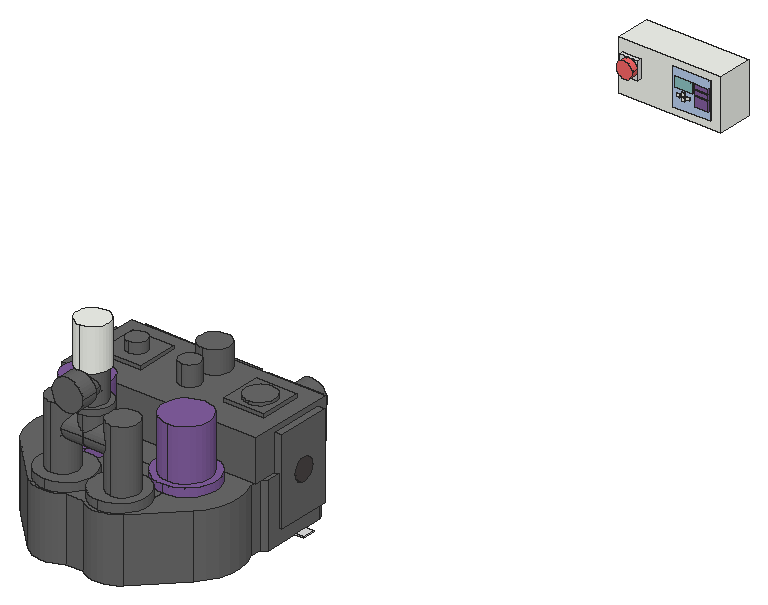
Revit family "11609", category Generic Models, Revit 2021
Family settings
  Can host rebar = No
  Round Connector Dimension = Use Diameter
  Part Type = Normal
  Work Plane-Based = No
  Always vertical = Yes
  Cut with Voids When Loaded = No
  Shared = Yes
  Room Calculation Point = No
Parameters (values of type "11609")
  SUPPLIER = "KESSEL"
  SA700ID50 = "intern"
  SA700ID49 = "Protection Class I"
  SA700ID48 = "no"
  SA700ID47 = "no"
  SA700ID46 = "yes"
  SA700ID37 = 16000 mm
  SA700ID34 = 47
  SA700ID33 = 3.2 W
  SA700ID32 = 58.83 kg
  SA700ID31 = 1
  SA700ID30 = 2
  SA700ID29 = "GLRD"
  SA700ID21 = 1600
  SA700ID10 = "yes"
  SA700ID08 = 400 V
  PROCUREWEBLINK = "https://p.caden.as/kessel/11609"
  PROCURELINK = "p.caden.as/kessel/11609"
  PROCUREDATALASTUPDATE = "2024-05-22T12:17:38.56436048+01:00"
  PRC_SPECIFICATIONLINK = "https://ausschreiben.de/catalog/kessel/catalogItem/e497a173-6221-4283-bd3d-e8c08fedc1d2"
  NN = "Lifting station Aqualift F"
  NBSYN = "$SA810ID03."
  NB = "11609"
  Model = "11609"
  Manufacturer = "KESSEL"
  MIdent = "{$CADENAS_DATA/23d-libs/kessel/kessel_vdi_import/4/entwaesserung/hebeanlage20aqualift20f.prj},198 {STYP=ASS},{VTYP=3D},{NB=11609},{LINA=11609},{NN=Lifting station Aqualift F},{DATE=21.11.2022 10:45:45},{GEOMDATE=21.11.2022 10:45:45},{VERSION=},{LINEID=270},{WBVAR=LODLEVEL},{WBNUMERIC=LODLEVEL}  {NB=11609},{LINA=11609},{KT=DUMMY},{PREVIEW=../../bilder/ksb_w_11609.png},{SA700ID04=Hebeanlage Aqualift F Duo, Comfort, SPF 3000-S1, Schieber},{SA810ID06=04026092071076},{SA700ID34=47.00},{SA010ID03=201805},{SA810ID03=11609},{SA810ID10=Die Hebeanlage für fäkalienhaltiges und fäkalienfreies Abwasser ist mit zwei überflutbaren Pumpen sowie einem Rückflussverhinderer ausgestattet. Der Sammelbehälter aus dauerhaft beständigem Kunststoff (PE) bietet universale Anschlussmöglichkeiten und hat eine verschraubte Reinigungsöffnung.Die Steuerung erfolgt durch ein anwenderfreundliches Schaltgerät, das optional über einen potentialfreien Kontakt in die Gebäudeleittechnik eingebunden werden oder Alarm- und Sammelstörmeldungen über eine GSM-Schnittstelle (Comfort Schaltgerät) ausgeben kann.Ausführung:Absperreinrichtung: Schieber aus KunststoffAnlagenart: DoppelanlagePumpensteuerung: SchaltgerätRückflussverhinderer: integriertSchalldämmmatte: jaEinbausituation: freie AufstellungAbwasserart: fäkalienhaltigAllgemeine Merkmale:Farbe: schwarzNorm: EN 12050-1Abmessungen:Länge: 773 mmBreite: 780 mmHöhe: 788 mmBehälter/Grundkörper:Zulauf Anzahl: 2 STZulauf Nennweite (DN): 100 mmZulauf Nennweite (DA): 110 mmZulauf max. Anbohrung (DN): 150 mmAbstand Rohrsohle Zulauf zu Behälterboden: 245 mmAbstand Rohrmitte Auslauf zu Behälterboden: 590 mmAbstand Rohrmitte Zulauf zu Behälterboden: 300 mmAnschluss für Handmembranpumpe (DN): 32Behältervolumen: 120 lDruckabgang: waagerechtDruckabgang (DA): 110 mmDruckabgang (DN): 100 mmEntlüftungsanschluss (DN): 70 mmNutzvolumen: 50 lFreier Kugeldurchgang: 40 mmFördereinrichtung:Pumpe: SPF 3000Anzahl Pumpen: 2Förderhöhe max.: 16 mFörderleistung max.: 47 m3/hBetriebsart: S1Leistung P1: 3,2 kWLeistung P2: 2,7 kWDrehzahl: 2.890 U/minFörderguttemperatur (dauerhaft) max.: 40 °CAnschlusstyp: DirektanschlussGewicht: 26 kgLaufrad Typ: FreistromradLänge Netzanschlussleitung Pumpe: 5 mNennstrom: 5,4 ASchutzart Pumpe: IP 68 (3m/48h)Schutzklasse: ITyp Anschlussleitung Pumpe: H07RN-F 7G 1,5 mm2Temperaturüberwachung: integriertSteuerung:Schaltgerät: ComfortBetriebsspannung: 400 VNetzfrequenz: 50 HzSelbstdiagnosesystem (SDS): jaBatteriepufferung: jaMehrzeilige Displayanzeige: jaLogbuchfunktion: jaGSM-Schnittstelle: jaPotentialfreier Kontakt: jaErforderliche Absicherung (Leitungsschutz): 3 x C 20 AMotorschutz Schalter: jaSchutzart Schaltgerät: IP 54Länge Netzanschlussleitung Schaltgerät: 0 mArt Niveauerfassung: pneumatischInstrument Niveauerfassung: Tauchrohr mit DruckwächterAlarmgeber: Tauchrohr},{SA700ID37=16.00},{SA700ID33=3.20},{SA700ID08=400},{SA700ID30=2},{SA700ID32=58.83},{SA700ID49=Schutzklasse I},{SA700ID50=intern},{SA200ID03=6},{SA250ID03=vertikal},{SA260ID03=Trockenläuferpumpe},{SA350ID03=normalansaugend},{SA400ID03=E-Motor für Drehstrom},{SA460ID03=direkt},{SA500ID03=Kunststoff, Edelstahl},{SA700ID06=100},{SA700ID07=100},{SA700ID09=3/N/PE 400V},{SA700ID10=Ja},{SA700ID11=50},{SA700ID12=IP 68},{SA700ID13=F},{SA700ID15=40},{SA700ID21=1600.00},{SA700ID22=2.70},{SA700ID23=2890},{SA700ID24=2890},{SA700ID26=5.40},{SA700ID27=41.00},{SA700ID28=durchgehend},{SA700ID29=GLRD},{SA700ID31=1},{SA700ID46=ja},{SA700ID47=nein},{SA700ID48=nein},{SA110ID04=Hebeanlage Aqualift F},{SA300ID03=einstufig},{SA700ID44=10.00},{SA700ID45=10.00},{SA010ID04=KESSEL AG},{LODLEVEL=200},{LINK=https://www.kessel.de/info?han=11609},{SA970ID01=970},{SA970ID02=7040},{SA970ID03=11609},{SA970ID04=11002617},{SA970ID05=QUAD},{SA970ID06=-409.9898987},{SA970ID07=-686},{SA970ID08=0},{SA970ID09=1},{SA970ID10=0},{SA970ID11=0},{SA970ID12=0},{SA970ID13=1},{SA970ID14=0},{SA970ID15=819.98999},{SA970ID16=851},{SA970ID17=798.98999},{LODLEVEL_=200,'Low'},{LODLEVEL_DEU=200,'Low'},{LINK_=https://www.kessel.de/info?han=11609},{LINK_DEU=https://www.kessel.de/info?han=11609},{LODLEVEL_3DB=11609_200},{DNIN1=100},{DNIN2=70},{DNIN3=10},{DNIN4=10},{DNIN5=10},{DNIN6=50},{DNIN7=50},{DNIN8=50},{DNIN9=50},{DNOUT1=100},{DNOUT2=70},{DNOUT3=32},{ISDIN1=75},{ISDIN2=83.200},{ISDIN3=10},{ISDOUT1=60.000},{ISDOUT2=73.200},{ISDOUT3=75},{SA010ID01=010},{SA010ID02=4},{SA010ID06=www.kessel.de},{SA010ID07=www.kessel.de},{SA010ID12=20180713},{SA010ID13=DEU},{SA010ID14=DE},{SA100ID01=100},{SA100ID02=4},{SA100ID04=Entwässerung},{SA110ID01=110},{SA110ID02=4},{SA200ID01=200},{SA200ID02=6},{SA250ID01=250},{SA250ID02=2},{SA260ID01=260},{SA260ID02=2},{SA300ID01=300},{SA300ID02=1},{SA350ID01=350},{SA350ID02=1},{SA400ID01=400},{SA400ID02=2},{SA460ID01=460},{SA460ID02=1},{SA500ID01=500},{SA500ID02=1},{SA700ID01=700},{SA700ID02=10},{SA700ID10_=1},{SA700ID16=0},{SA700ID25=0},{SA700ID46_=1},{SA700ID47_=0},{SA700ID48_=0},{SA700ID49_=1},{SA700ID50_=2},{SA800ID01=800},{SA800ID02=10},{SA810ID01=810},{SA810ID02=10},{SA810ID04=11609},{SA810ID07=10},{SA810ID09=1},{SA810ID14=PCE},{SA810ID15=1},{SA810ID16=NMP},{SA960ID03=10},{SA960ID04=3L},{SA960ID08=https://www.kessel.de/info?han=11609},{SA010ID08=4026092000007},{SA100ID05=Hebeanlage},{SA110ID06=Hebeanlage}"
  LINK = "https://www.kessel.de/info?han=11609"
  LINA = "11609"
  Default Elevation = 0 mm
  CREATOR = "CADENAS GmbH"
  CATALOG = "KESSEL"
  BOMINFO = "LINA"
  ARTICLENO = "NB"
  4.810.00.9 Order quantity (multiplicator) = "1"
  4.810.00.7 Media- connection number = "10"
  4.810.00.6 GTIN number = "04026092071076"
  4.810.00.4 DATANORM number = "11609"
  4.810.00.3 Producer order number = "11609"
  4.710.03.7 Mass (net) = 58.83 kg
  4.710.03.6 Height = 788 mm
  4.710.03.5 Width = 780 mm
  4.710.03.4 Length = 773 mm
  4.710.03.3 Type of dimensions = "2"
  4.710.02.8 Area of application of wastewater pump = "1"
  4.710.02.6 Duty type = "S1"
  4.710.02.5 Cutting device = "0"
  4.710.02.4 Attached pump control = "1"
  4.710.02.3 Free passage = 40 mm
  4.710.01.6 Option to connect to building automation = "40"
  4.710.01.5 Load regulation = "0"
  4.710.01.4 Designation of closed-loop control = "50"
  4.710.01.3 Identifier for closed-loop control = "120"
  4.700.00.9 Voltage = 0
  4.700.00.8 Nominal connection size on suction side = "100"
  4.700.00.7 Nominal connection size on pressure side = "100"
  4.700.00.6 Type of connection = "100"
  4.700.00.4 Product indentification = "Hebeanlage Aqualift F Duo, Comfort, SPF 3000-S1, Schieber"
  4.700.00.28 Motor pump shaft = "durchgehend"
  4.700.00.27 Starting current = 41
  4.700.00.26 Maximum power consumption per pump / drive = 5.4
  4.700.00.25 Minimum speed at internal speed adjustment = 0
  4.700.00.24 Nominal speed / maximum speed n = 48.1667
  4.700.00.23 Nominal speed of motor = 48.1667
  4.700.00.22 Maximum shaft output (P2) per pump/drive = 2.7 W
  4.700.00.16 Maximum temperature of pumped medium = 0 °C
  4.700.00.15 Increased safety class = "40 °C"
  4.700.00.13 Type of protection = "F"
  4.700.00.12 Frequency = 0
  4.700.00.11 Stern-/Dreieck-Anlaufschaltung bei Dreiphasenanschluss oder Drehstrom = "50 Hz"
  4.700.00.10 Phase = "1"
  4.500.00.3 Variant / Variant type / Accessories-name = "Kunststoff, Edelstahl"
  4.460.00.3 Variant / Variant type / Accessories-name = "direkt"
  4.400.00.3 Variant / Variant type / Accessories-name = "E-Motor für Drehstrom"
  4.350.00.3 Variant / Variant type / Accessories-name = "normalansaugend"
  4.300.00.3 Variant / Variant type / Accessories-name = "einstufig"
  4.260.00.3 Variant / Variant type / Accessories-name = "Trockenläuferpumpe"
  4.250.00.3 Variant / Variant type / Accessories-name = "vertikal"
  4.200.00.3 Variant / Variant type / Accessories-name = "6"
  4.110.00.6 Product classification = "Hebeanlage"
  4.110.00.4 Product indentification = "Hebeanlage Aqualift F"
  4.100.00.5 Main groups of wares = "Hebeanlage"
  4.100.00.4 Product indentification = "Entwässerung"
  4.010.00.8 Producer ID number = "4026092000007"
  4.010.00.7 Comment = "www.kessel.de"
  4.010.00.6 Web address of the manufacturer = "www.kessel.de"
  4.010.00.4 Manufacturer name = "KESSEL AG"
  4.010.00.3 Date of issuance (month) of guideline = "201805"
  4.010.00.2 Sheet number of the guideline = "4"
  4.010.00.14 Kennungen der Projektländer, für die die Datei gültig ist = "DE"
  4.010.00.13 Sprache der Datei = "DEU"
  4.010.00.12 Stand des Herstellerkatalogs = "20180713"
Reference planes
  plane 1 "Center (Front/Back)": y = 0
  plane 2: z = 0
  plane 3 "Center (Left/Right)": x = 0
Dimensions and locks
  aligned and locked: level to plane 2
Nested families
  nested 1: "11609_content" at (0, 0, 0), type "11609_Content"
  nested 2: "11609_part1_X0Y0" at (1000, 1000, 1200), type "11609_PART1_X0Y0"
  nested 3: "11609_part2_X0Y0" at (0, 0, 0), type "11609_PART2_X0Y0"
Connectors
  electrical at (861, 933, 1201.5)
    settings: on nested 2, index 1, voltage 0 V, apparent load 0 VA, apparent load phase1 0 VA, apparent load phase2 0 VA, apparent load phase3 0 VA, power factor 1, load classification "Other", number of poles 1, system type 31, power factor state 1, is connector primary yes, connector utility no, sub classification motor no, connector description ""
  piping at (230, 164.99, 301), diameter 100
    settings: on nested 3, index 2, connector inside diameter 609.6 mm, connector length 0 mm, flow factor 0, pipe flow 0.0 L/s, pressure drop 0.0 Pa, fitting loss kfactor 0, connector angle 0.00°, fixture units 0, engagement length 0 mm, angle of deflection 0.00°, flow configuration 0, flow direction 1, fitting loss method 2, system type 29, joint type 0, gender type 0, connector reference index -1, connector utility 0, adjustable connector no, is connector primary yes, connector description ""
  piping at (0, 0, 471), diameter 100
    settings: on nested 3, index 3, connector inside diameter 609.6 mm, connector length 0 mm, flow factor 0, pipe flow 0.0 L/s, pressure drop 0.0 Pa, fitting loss kfactor 0, connector angle 0.00°, fixture units 0, engagement length 0 mm, angle of deflection 0.00°, flow configuration 0, flow direction 1, fitting loss method 2, system type 29, joint type 0, gender type 0, connector reference index -1, connector utility 0, adjustable connector no, is connector primary no, connector description ""
  piping at (391.5, -74.999, 214), diameter 70
    settings: on nested 3, index 4, connector inside diameter 609.6 mm, connector length 0 mm, flow factor 0, pipe flow 0.0 L/s, pressure drop 0.0 Pa, fitting loss kfactor 0, connector angle 0.00°, fixture units 0, engagement length 0 mm, angle of deflection 0.00°, flow configuration 0, flow direction 0, fitting loss method 2, system type 29, joint type 0, gender type 0, connector reference index -1, connector utility 0, adjustable connector no, is connector primary no, connector description ""
  piping at (0.999, 96.5, 214), diameter 70
    settings: on nested 3, index 5, connector inside diameter 609.6 mm, connector length 0 mm, flow factor 0, pipe flow 0.0 L/s, pressure drop 0.0 Pa, fitting loss kfactor 0, connector angle 0.00°, fixture units 0, engagement length 0 mm, angle of deflection 0.00°, flow configuration 0, flow direction 0, fitting loss method 2, system type 29, joint type 0, gender type 0, connector reference index -1, connector utility 0, adjustable connector no, is connector primary no, connector description ""
  piping at (-230.25, 91.49, 214), diameter 70
    settings: on nested 3, index 6, connector inside diameter 609.6 mm, connector length 0 mm, flow factor 0, pipe flow 0.0 L/s, pressure drop 0.0 Pa, fitting loss kfactor 0, connector angle 0.00°, fixture units 0, engagement length 0 mm, angle of deflection 0.00°, flow configuration 0, flow direction 0, fitting loss method 2, system type 29, joint type 0, gender type 0, connector reference index -1, connector utility 0, adjustable connector no, is connector primary no, connector description ""
  piping at (-391.5, -75, 214), diameter 70
    settings: on nested 3, index 7, connector inside diameter 609.6 mm, connector length 0 mm, flow factor 0, pipe flow 0.0 L/s, pressure drop 0.0 Pa, fitting loss kfactor 0, connector angle 0.00°, fixture units 0, engagement length 0 mm, angle of deflection 0.00°, flow configuration 0, flow direction 0, fitting loss method 2, system type 29, joint type 0, gender type 0, connector reference index -1, connector utility 0, adjustable connector no, is connector primary no, connector description ""
  piping at (0, -115, 461), diameter 70
    settings: on nested 3, index 8, connector inside diameter 609.6 mm, connector length 0 mm, flow factor 0, pipe flow 0.0 L/s, pressure drop 0.0 Pa, fitting loss kfactor 0, connector angle 0.00°, fixture units 0, engagement length 0 mm, angle of deflection 0.00°, flow configuration 0, flow direction 2, fitting loss method 2, system type 29, joint type 0, gender type 0, connector reference index -1, connector utility 0, adjustable connector no, is connector primary no, connector description ""
  piping at (0, -686, 591), diameter 100
    settings: on nested 3, index 9, connector inside diameter 609.6 mm, connector length 0 mm, flow factor 0, pipe flow 0.0 L/s, pressure drop 0.0 Pa, fitting loss kfactor 0, connector angle 0.00°, fixture units 0, engagement length 0 mm, angle of deflection 0.00°, flow configuration 0, flow direction 2, fitting loss method 2, system type 29, joint type 0, gender type 0, connector reference index -1, connector utility 0, adjustable connector no, is connector primary no, connector description ""
  piping at (230, 164.99, 81.07), diameter 32
    settings: on nested 3, index 10, connector inside diameter 609.6 mm, connector length 0 mm, flow factor 0, pipe flow 0.0 L/s, pressure drop 0.0 Pa, fitting loss kfactor 0, connector angle 0.00°, fixture units 0, engagement length 0 mm, angle of deflection 0.00°, flow configuration 0, flow direction 2, fitting loss method 2, system type 29, joint type 0, gender type 0, connector reference index -1, connector utility 0, adjustable connector no, is connector primary no, connector description ""
  electrical at (185, -365, 457)
    settings: on nested 3, index 11, voltage 0 V, apparent load 0 VA, apparent load phase1 0 VA, apparent load phase2 0 VA, apparent load phase3 0 VA, power factor 1, load classification "Other", number of poles 1, system type 31, power factor state 1, is connector primary no, connector utility no, sub classification motor no, connector description ""
  electrical at (-185, -364.75, 457)
    settings: on nested 3, index 12, voltage 0 V, apparent load 0 VA, apparent load phase1 0 VA, apparent load phase2 0 VA, apparent load phase3 0 VA, power factor 1, load classification "Other", number of poles 1, system type 31, power factor state 1, is connector primary no, connector utility no, sub classification motor no, connector description ""
  electrical at (-230.6, -74.8, 436.49)
    settings: on nested 3, index 13, voltage 0 V, apparent load 0 VA, apparent load phase1 0 VA, apparent load phase2 0 VA, apparent load phase3 0 VA, power factor 1, load classification "Other", number of poles 1, system type 31, power factor state 1, is connector primary no, connector utility no, sub classification motor no, connector description ""
Definition of nested family "11609_part1_X0Y0"
  Parameters (values of type "11609_PART1_X0Y0")
    SUPPLIER = "KESSEL"
    SA700ID50 = "intern"
    SA700ID49 = "Protection Class I"
    SA700ID48 = "no"
    SA700ID47 = "no"
    SA700ID46 = "yes"
    SA700ID37 = 16000 mm
    SA700ID34 = 47
    SA700ID33 = 3.2 W
    SA700ID32 = 58.83 kg
    SA700ID31 = 1
    SA700ID30 = 2
    SA700ID29 = "GLRD"
    SA700ID21 = 1600
    SA700ID10 = "yes"
    SA700ID08 = 400 V
    NBSYN = "$SA810ID03._PART1"
    NB = "11609_PART1"
    Model = "11609_PART1"
    Manufacturer = "KESSEL"
    MIdent = "{$CADENAS_DATA/23d-libs/kessel/kessel_vdi_import/4/entwaesserung/hebeanlage20aqualift20f.prj},218 {VTYP=3D},{NB=11609_PART1},{LINA=11609_PART1},{NN=Lifting station Aqualift F_PART1},{NOPRJ=TRUE},{DATE=21.11.2022 10:45:45},{GEOMDATE=21.11.2022 10:45:45},{VERSION=},{LINEID=270},{WBVAR=LODLEVEL},{WBNUMERIC=LODLEVEL}  {NB=11609_PART1},{LINA=11609_PART1},{KT=DUMMY},{PREVIEW=../../bilder/ksb_w_11609.png},{SA700ID04=Hebeanlage Aqualift F Duo, Comfort, SPF 3000-S1, Schieber},{SA810ID06=04026092071076},{SA700ID34=47.00},{SA010ID03=201805},{SA810ID03=11609},{SA810ID10=Die Hebeanlage für fäkalienhaltiges und fäkalienfreies Abwasser ist mit zwei überflutbaren Pumpen sowie einem Rückflussverhinderer ausgestattet. Der Sammelbehälter aus dauerhaft beständigem Kunststoff (PE) bietet universale Anschlussmöglichkeiten und hat eine verschraubte Reinigungsöffnung.Die Steuerung erfolgt durch ein anwenderfreundliches Schaltgerät, das optional über einen potentialfreien Kontakt in die Gebäudeleittechnik eingebunden werden oder Alarm- und Sammelstörmeldungen über eine GSM-Schnittstelle (Comfort Schaltgerät) ausgeben kann.Ausführung:Absperreinrichtung: Schieber aus KunststoffAnlagenart: DoppelanlagePumpensteuerung: SchaltgerätRückflussverhinderer: integriertSchalldämmmatte: jaEinbausituation: freie AufstellungAbwasserart: fäkalienhaltigAllgemeine Merkmale:Farbe: schwarzNorm: EN 12050-1Abmessungen:Länge: 773 mmBreite: 780 mmHöhe: 788 mmBehälter/Grundkörper:Zulauf Anzahl: 2 STZulauf Nennweite (DN): 100 mmZulauf Nennweite (DA): 110 mmZulauf max. Anbohrung (DN): 150 mmAbstand Rohrsohle Zulauf zu Behälterboden: 245 mmAbstand Rohrmitte Auslauf zu Behälterboden: 590 mmAbstand Rohrmitte Zulauf zu Behälterboden: 300 mmAnschluss für Handmembranpumpe (DN): 32Behältervolumen: 120 lDruckabgang: waagerechtDruckabgang (DA): 110 mmDruckabgang (DN): 100 mmEntlüftungsanschluss (DN): 70 mmNutzvolumen: 50 lFreier Kugeldurchgang: 40 mmFördereinrichtung:Pumpe: SPF 3000Anzahl Pumpen: 2Förderhöhe max.: 16 mFörderleistung max.: 47 m3/hBetriebsart: S1Leistung P1: 3,2 kWLeistung P2: 2,7 kWDrehzahl: 2.890 U/minFörderguttemperatur (dauerhaft) max.: 40 °CAnschlusstyp: DirektanschlussGewicht: 26 kgLaufrad Typ: FreistromradLänge Netzanschlussleitung Pumpe: 5 mNennstrom: 5,4 ASchutzart Pumpe: IP 68 (3m/48h)Schutzklasse: ITyp Anschlussleitung Pumpe: H07RN-F 7G 1,5 mm2Temperaturüberwachung: integriertSteuerung:Schaltgerät: ComfortBetriebsspannung: 400 VNetzfrequenz: 50 HzSelbstdiagnosesystem (SDS): jaBatteriepufferung: jaMehrzeilige Displayanzeige: jaLogbuchfunktion: jaGSM-Schnittstelle: jaPotentialfreier Kontakt: jaErforderliche Absicherung (Leitungsschutz): 3 x C 20 AMotorschutz Schalter: jaSchutzart Schaltgerät: IP 54Länge Netzanschlussleitung Schaltgerät: 0 mArt Niveauerfassung: pneumatischInstrument Niveauerfassung: Tauchrohr mit DruckwächterAlarmgeber: Tauchrohr},{SA700ID37=16.00},{SA700ID33=3.20},{SA700ID08=400},{SA700ID30=2},{SA700ID32=58.83},{SA700ID49=Schutzklasse I},{SA700ID50=intern},{SA200ID03=6},{SA250ID03=vertikal},{SA260ID03=Trockenläuferpumpe},{SA350ID03=normalansaugend},{SA400ID03=E-Motor für Drehstrom},{SA460ID03=direkt},{SA500ID03=Kunststoff, Edelstahl},{SA700ID06=100},{SA700ID07=100},{SA700ID09=3/N/PE 400V},{SA700ID10=Ja},{SA700ID11=50},{SA700ID12=IP 68},{SA700ID13=F},{SA700ID15=40},{SA700ID21=1600.00},{SA700ID22=2.70},{SA700ID23=2890},{SA700ID24=2890},{SA700ID26=5.40},{SA700ID27=41.00},{SA700ID28=durchgehend},{SA700ID29=GLRD},{SA700ID31=1},{SA700ID46=ja},{SA700ID47=nein},{SA700ID48=nein},{SA110ID04=Hebeanlage Aqualift F},{SA300ID03=einstufig},{SA700ID44=10.00},{SA700ID45=10.00},{SA010ID04=KESSEL AG},{LODLEVEL=200},{LINK=https://www.kessel.de/info?han=11609},{SA970ID01=970},{SA970ID02=7040},{SA970ID03=11609},{SA970ID04=11002617},{SA970ID05=QUAD},{SA970ID06=-409.9898987},{SA970ID07=-686},{SA970ID08=0},{SA970ID09=1},{SA970ID10=0},{SA970ID11=0},{SA970ID12=0},{SA970ID13=1},{SA970ID14=0},{SA970ID15=819.98999},{SA970ID16=851},{SA970ID17=798.98999},{LODLEVEL_=200,'Low'},{LODLEVEL_DEU=200,'Low'},{LINK_=https://www.kessel.de/info?han=11609},{LINK_DEU=https://www.kessel.de/info?han=11609},{LODLEVEL_3DB=11609_200},{DNIN1=100},{DNIN2=70},{DNIN3=10},{DNIN4=10},{DNIN5=10},{DNIN6=50},{DNIN7=50},{DNIN8=50},{DNIN9=50},{DNOUT1=100},{DNOUT2=70},{DNOUT3=32},{ISDIN1=75},{ISDIN2=83.200},{ISDIN3=10},{ISDOUT1=60.000},{ISDOUT2=73.200},{ISDOUT3=75},{SA010ID01=010},{SA010ID02=4},{SA010ID06=www.kessel.de},{SA010ID07=www.kessel.de},{SA010ID12=20180713},{SA010ID13=DEU},{SA010ID14=DE},{SA100ID01=100},{SA100ID02=4},{SA100ID04=Entwässerung},{SA110ID01=110},{SA110ID02=4},{SA200ID01=200},{SA200ID02=6},{SA250ID01=250},{SA250ID02=2},{SA260ID01=260},{SA260ID02=2},{SA300ID01=300},{SA300ID02=1},{SA350ID01=350},{SA350ID02=1},{SA400ID01=400},{SA400ID02=2},{SA460ID01=460},{SA460ID02=1},{SA500ID01=500},{SA500ID02=1},{SA700ID01=700},{SA700ID02=10},{SA700ID10_=1},{SA700ID16=0},{SA700ID25=0},{SA700ID46_=1},{SA700ID47_=0},{SA700ID48_=0},{SA700ID49_=1},{SA700ID50_=2},{SA800ID01=800},{SA800ID02=10},{SA810ID01=810},{SA810ID02=10},{SA810ID04=11609},{SA810ID07=10},{SA810ID09=1},{SA810ID14=PCE},{SA810ID15=1},{SA810ID16=NMP},{SA960ID03=10},{SA960ID04=3L},{SA960ID08=https://www.kessel.de/info?han=11609},{SA010ID08=4026092000007},{SA100ID05=Hebeanlage},{SA110ID06=Hebeanlage}"
    LINK = "https://www.kessel.de/info?han=11609"
    LINA = "11609_PART1"
    Default Elevation = 1219.2 mm
    CREATOR = "CADENAS GmbH"
    CATALOG = "KESSEL"
    BOMINFO = "LINA"
    ARTICLENO = "NB"
    4.810.00.9 Order quantity (multiplicator) = "1"
    4.810.00.7 Media- connection number = "10"
    4.810.00.6 GTIN number = "04026092071076"
    4.810.00.4 DATANORM number = "11609"
    4.810.00.3 Producer order number = "11609"
    4.710.03.7 Mass (net) = 58.83 kg
    4.710.03.6 Height = 788 mm
    4.710.03.5 Width = 780 mm
    4.710.03.4 Length = 773 mm
    4.710.03.3 Type of dimensions = "2"
    4.710.02.8 Area of application of wastewater pump = "1"
    4.710.02.6 Duty type = "S1"
    4.710.02.5 Cutting device = "0"
    4.710.02.4 Attached pump control = "1"
    4.710.02.3 Free passage = 40 mm
    4.710.01.6 Option to connect to building automation = "40"
    4.710.01.5 Load regulation = "0"
    4.710.01.4 Designation of closed-loop control = "50"
    4.710.01.3 Identifier for closed-loop control = "120"
    4.700.00.9 Voltage = 0
    4.700.00.8 Nominal connection size on suction side = "100"
    4.700.00.7 Nominal connection size on pressure side = "100"
    4.700.00.6 Type of connection = "100"
    4.700.00.4 Product indentification = "Hebeanlage Aqualift F Duo, Comfort, SPF 3000-S1, Schieber"
    4.700.00.28 Motor pump shaft = "durchgehend"
    4.700.00.27 Starting current = 41
    4.700.00.26 Maximum power consumption per pump / drive = 5.4
    4.700.00.25 Minimum speed at internal speed adjustment = 0
    4.700.00.24 Nominal speed / maximum speed n = 48.1667
    4.700.00.23 Nominal speed of motor = 48.1667
    4.700.00.22 Maximum shaft output (P2) per pump/drive = 2.7 W
    4.700.00.16 Maximum temperature of pumped medium = 0 °C
    4.700.00.15 Increased safety class = "40 °C"
    4.700.00.13 Type of protection = "F"
    4.700.00.12 Frequency = 0
    4.700.00.11 Stern-/Dreieck-Anlaufschaltung bei Dreiphasenanschluss oder Drehstrom = "50 Hz"
    4.700.00.10 Phase = "1"
    4.500.00.3 Variant / Variant type / Accessories-name = "Kunststoff, Edelstahl"
    4.460.00.3 Variant / Variant type / Accessories-name = "direkt"
    4.400.00.3 Variant / Variant type / Accessories-name = "E-Motor für Drehstrom"
    4.350.00.3 Variant / Variant type / Accessories-name = "normalansaugend"
    4.300.00.3 Variant / Variant type / Accessories-name = "einstufig"
    4.260.00.3 Variant / Variant type / Accessories-name = "Trockenläuferpumpe"
    4.250.00.3 Variant / Variant type / Accessories-name = "vertikal"
    4.200.00.3 Variant / Variant type / Accessories-name = "6"
    4.110.00.6 Product classification = "Hebeanlage"
    4.110.00.4 Product indentification = "Hebeanlage Aqualift F"
    4.100.00.5 Main groups of wares = "Hebeanlage"
    4.100.00.4 Product indentification = "Entwässerung"
    4.010.00.8 Producer ID number = "4026092000007"
    4.010.00.7 Comment = "www.kessel.de"
    4.010.00.6 Web address of the manufacturer = "www.kessel.de"
    4.010.00.4 Manufacturer name = "KESSEL AG"
    4.010.00.3 Date of issuance (month) of guideline = "201805"
    4.010.00.2 Sheet number of the guideline = "4"
    4.010.00.14 Kennungen der Projektländer, für die die Datei gültig ist = "DE"
    4.010.00.13 Sprache der Datei = "DEU"
    4.010.00.12 Stand des Herstellerkatalogs = "20180713"
  Reference planes
    plane 1 "Center (Front/Back)": y = 0
    plane 2: z = 0
    plane 3 "Center (Left/Right)": x = 0
  Dimensions and locks
    aligned and locked: level to plane 2
  Nested families
    nested 1: "11609_part1_content" at (0, 0, 0), type "11609_PART1_Content"
  Definition of nested family "11609_part1_content"
    Parameters (values of type "11609_PART1_Content")
      SUPPLIER = "KESSEL"
      SA700ID50 = "intern"
      SA700ID49 = "Protection Class I"
      SA700ID48 = "no"
      SA700ID47 = "no"
      SA700ID46 = "yes"
      SA700ID37 = 16000 mm
      SA700ID34 = 47
      SA700ID33 = 3.2 W
      SA700ID32 = 58.83 kg
      SA700ID31 = 1
      SA700ID30 = 2
      SA700ID29 = "GLRD"
      SA700ID21 = 1600
      SA700ID10 = "yes"
      SA700ID08 = 400 V
      NBSYN = "$SA810ID03._PART1"
      NB = "11609_PART1"
      Model = "11609_PART1"
      Manufacturer = "KESSEL"
      LINK = "https://www.kessel.de/info?han=11609"
      LINA = "11609_PART1"
      Default Elevation = 1219.2 mm
      CREATOR = "CADENAS GmbH"
      CATALOG = "KESSEL"
      BOMINFO = "LINA"
      ARTICLENO = "NB"
      4.810.00.9 Order quantity (multiplicator) = "1"
      4.810.00.7 Media- connection number = "10"
      4.810.00.6 GTIN number = "04026092071076"
      4.810.00.4 DATANORM number = "11609"
      4.810.00.3 Producer order number = "11609"
      4.710.03.7 Mass (net) = 58.83 kg
      4.710.03.6 Height = 788 mm
      4.710.03.5 Width = 780 mm
      4.710.03.4 Length = 773 mm
      4.710.03.3 Type of dimensions = "2"
      4.710.02.8 Area of application of wastewater pump = "1"
      4.710.02.6 Duty type = "S1"
      4.710.02.5 Cutting device = "0"
      4.710.02.4 Attached pump control = "1"
      4.710.02.3 Free passage = 40 mm
      4.710.01.6 Option to connect to building automation = "40"
      4.710.01.5 Load regulation = "0"
      4.710.01.4 Designation of closed-loop control = "50"
      4.710.01.3 Identifier for closed-loop control = "120"
      4.700.00.9 Voltage = 0
      4.700.00.8 Nominal connection size on suction side = "100"
      4.700.00.7 Nominal connection size on pressure side = "100"
      4.700.00.6 Type of connection = "100"
      4.700.00.4 Product indentification = "Hebeanlage Aqualift F Duo, Comfort, SPF 3000-S1, Schieber"
      4.700.00.28 Motor pump shaft = "durchgehend"
      4.700.00.27 Starting current = 41
      4.700.00.26 Maximum power consumption per pump / drive = 5.4
      4.700.00.25 Minimum speed at internal speed adjustment = 0
      4.700.00.24 Nominal speed / maximum speed n = 48.1667
      4.700.00.23 Nominal speed of motor = 48.1667
      4.700.00.22 Maximum shaft output (P2) per pump/drive = 2.7 W
      4.700.00.16 Maximum temperature of pumped medium = 0 °C
      4.700.00.15 Increased safety class = "40 °C"
      4.700.00.13 Type of protection = "F"
      4.700.00.12 Frequency = 0
      4.700.00.11 Stern-/Dreieck-Anlaufschaltung bei Dreiphasenanschluss oder Drehstrom = "50 Hz"
      4.700.00.10 Phase = "1"
      4.500.00.3 Variant / Variant type / Accessories-name = "Kunststoff, Edelstahl"
      4.460.00.3 Variant / Variant type / Accessories-name = "direkt"
      4.400.00.3 Variant / Variant type / Accessories-name = "E-Motor für Drehstrom"
      4.350.00.3 Variant / Variant type / Accessories-name = "normalansaugend"
      4.300.00.3 Variant / Variant type / Accessories-name = "einstufig"
      4.260.00.3 Variant / Variant type / Accessories-name = "Trockenläuferpumpe"
      4.250.00.3 Variant / Variant type / Accessories-name = "vertikal"
      4.200.00.3 Variant / Variant type / Accessories-name = "6"
      4.110.00.6 Product classification = "Hebeanlage"
      4.110.00.4 Product indentification = "Hebeanlage Aqualift F"
      4.100.00.5 Main groups of wares = "Hebeanlage"
      4.100.00.4 Product indentification = "Entwässerung"
      4.010.00.8 Producer ID number = "4026092000007"
      4.010.00.7 Comment = "www.kessel.de"
      4.010.00.6 Web address of the manufacturer = "www.kessel.de"
      4.010.00.4 Manufacturer name = "KESSEL AG"
      4.010.00.3 Date of issuance (month) of guideline = "201805"
      4.010.00.2 Sheet number of the guideline = "4"
      4.010.00.14 Kennungen der Projektländer, für die die Datei gültig ist = "DE"
      4.010.00.13 Sprache der Datei = "DEU"
      4.010.00.12 Stand des Herstellerkatalogs = "20180713"
    Reference planes
      plane 1 "Center (Front/Back)": y = 0
      plane 2: z = 0
      plane 3 "Center (Left/Right)": x = 0
    Forms (mm)
      Extrusion 1, solid, detail levels medium+fine
        sketch origin (189.25, -1.75, 0.2) x (0, -1, 0) y (0, 0, 1)
          loop
            line (0, 187.8) -> (0, 0) -> (127.75, 0) -> (127.75, 187.8) -> (0, 187.8)
        from 0 to 378.5
      Extrusion 2, solid, detail levels medium+fine
        sketch origin (-4, -67, 0) x (0, 1, 0) y (-1, 0, 0)
          loop
            circle (0, 0) r 12.5
        from 0 to 1.5
      Extrusion 3, solid, detail levels medium+fine
        sketch origin (150.8, -129.5, 26.5) x (0, -1, 0) y (0, 0, 1)
          loop
            line (-1.2, 134.8) -> (-1.2, 0) -> (0.25, 0) -> (0.25, 134.8) -> (-1.2, 134.8)
        from 0 to 139.9
      Extrusion 4, solid, detail levels medium+fine
        sketch origin (72.55, -129.75, 66) x (0, -1, 0) y (0, 0, 1)
          loop
            line (-1, 12) -> (-1, 0) -> (0.5, 0) -> (0.5, 12) -> (-1, 12)
        from 0 to 12
      Extrusion 5, solid, detail levels medium+fine
        sketch origin (84.45, -129.75, 93.4) x (0, -1, 0) y (0, 0, 1)
          loop
            line (-1, 37) -> (-1, 0) -> (0.5, 0) -> (0.5, 37) -> (-1, 37)
        from 0 to 66
      Extrusion 6, solid, detail levels medium+fine
        sketch origin (55.3, -129.75, 74) x (0, -1, 0) y (0, 0, 1)
          loop
            line (-1, 12) -> (-1, 0) -> (0.5, 0) -> (0.5, 12) -> (-1, 12)
        from 0 to 12
      Extrusion 7, solid, detail levels medium+fine
        sketch origin (143.3, -129.75, 94.4) x (0, -1, 0) y (0, 0, 1)
          loop
            line (0, 16) -> (0, 0) -> (1.75, 0) -> (1.75, 16) -> (0, 16)
        from 0 to 51
      Extrusion 8, solid, detail levels medium+fine
        sketch origin (143.3, -129.75, 54.4) x (0, -1, 0) y (0, 0, 1)
          loop
            line (0, 36) -> (0, 0) -> (1.75, 0) -> (1.75, 36) -> (0, 36)
        from 0 to 51
      Extrusion 9, solid, detail levels medium+fine
        sketch origin (55.3, -129.75, 57.5) x (0, -1, 0) y (0, 0, 1)
          loop
            line (-1, 12) -> (-1, 0) -> (0.5, 0) -> (0.5, 12) -> (-1, 12)
        from 0 to 12
      Extrusion 10, solid, detail levels medium+fine
        sketch origin (143.3, -129.75, 114.4) x (0, -1, 0) y (0, 0, 1)
          loop
            line (0, 16) -> (0, 0) -> (1.75, 0) -> (1.75, 16) -> (0, 16)
        from 0 to 51
      Extrusion 11, solid, detail levels medium+fine
        sketch origin (38.05, -129.75, 66) x (0, -1, 0) y (0, 0, 1)
          loop
            line (-1, 12) -> (-1, 0) -> (0.5, 0) -> (0.5, 12) -> (-1, 12)
        from 0 to 12
      Extrusion 12, solid, detail levels medium+fine
        sketch origin (47, -72, 0) x (0, 1, 0) y (-1, 0, 0)
          loop
            circle (0, 0) r 8
        from 0 to 1.5
      Extrusion 13, solid, detail levels medium+fine
        sketch origin (47, -42, 0) x (0, 1, 0) y (-1, 0, 0)
          loop
            circle (0, 0) r 5.25
        from 0 to 1.5
      Extrusion 14, solid, detail levels medium+fine
        sketch origin (77, -72, 0) x (0, 1, 0) y (-1, 0, 0)
          loop
            circle (0, 0) r 8
        from 0 to 1.5
      Extrusion 15, solid, detail levels medium+fine
        sketch origin (-94, -67, 0) x (0, 1, 0) y (-1, 0, 0)
          loop
            circle (0, 0) r 12.5
        from 0 to 1.5
      Extrusion 16, solid, detail levels medium+fine
        sketch origin (92, -42, 0) x (0, 1, 0) y (-1, 0, 0)
          loop
            circle (0, 0) r 8
        from 0 to 1.5
      Extrusion 17, solid, detail levels medium+fine
        sketch origin (107, -72, 0) x (0, 1, 0) y (-1, 0, 0)
          loop
            circle (0, 0) r 8
        from 0 to 1.5
      Extrusion 18, solid, detail levels medium+fine
        sketch origin (122, -42, 0) x (0, 1, 0) y (-1, 0, 0)
          loop
            circle (0, 0) r 8
        from 0 to 1.5
      Extrusion 19, solid, detail levels medium+fine
        sketch origin (-107.7, -129.5, 76.9) x (0, -1, 0) y (0, 0, 1)
          loop
            line (0, 67) -> (0, 0) -> (14, 0) -> (14, 67) -> (0, 67)
        from 0 to 67
      Extrusion 20, solid, detail levels medium+fine
        sketch origin (-141.2, -143.5, 110.4) x (1, 0, 0) y (0, 0, 1)
          loop
            circle (0, 0) r 30
        from 0 to 22
      Extrusion 21, solid, detail levels medium+fine
        sketch origin (127, -15, 0) x (0, 1, 0) y (-1, 0, 0)
          loop
            circle (0, 0) r 6
        from 0 to 1.5
      Extrusion 22, solid, detail levels medium+fine
        sketch origin (137, -72, 0) x (0, 1, 0) y (-1, 0, 0)
          loop
            circle (0, 0) r 8
        from 0 to 1.5
      Extrusion 23, solid, detail levels medium+fine
        sketch origin (-139, -67, 0) x (0, 1, 0) y (-1, 0, 0)
          loop
            circle (0, 0) r 12.5
        from 0 to 1.5
      Extrusion 24, solid, detail levels medium+fine
        sketch origin (152, -42, 0) x (0, 1, 0) y (-1, 0, 0)
          loop
            circle (0, 0) r 8
        from 0 to 1.5
      Extrusion 25, solid, detail levels coarse
        sketch origin (0, -83.625, 0) x (1, 0, 0) y (0, 1, 0)
          loop
            line (-189.25, -81.875) -> (189.25, -81.875) -> (189.25, 81.875) -> (-189.25, 81.875) -> (-189.25, -81.875)
        from 0 to 188
    Dimensions and locks
      aligned and locked: level to plane 2
Definition of nested family "11609_part2_X0Y0"
  Parameters (values of type "11609_PART2_X0Y0")
    SUPPLIER = "KESSEL"
    SA700ID50 = "intern"
    SA700ID49 = "Protection Class I"
    SA700ID48 = "no"
    SA700ID47 = "no"
    SA700ID46 = "yes"
    SA700ID37 = 16000 mm
    SA700ID34 = 47
    SA700ID33 = 3.2 W
    SA700ID32 = 58.83 kg
    SA700ID31 = 1
    SA700ID30 = 2
    SA700ID29 = "GLRD"
    SA700ID21 = 1600
    SA700ID10 = "yes"
    SA700ID08 = 400 V
    NBSYN = "$SA810ID03._PART2"
    NB = "11609_PART2"
    Model = "11609_PART2"
    Manufacturer = "KESSEL"
    MIdent = "{$CADENAS_DATA/23d-libs/kessel/kessel_vdi_import/4/entwaesserung/hebeanlage20aqualift20f.prj},218 {VTYP=3D},{NB=11609_PART2},{LINA=11609_PART2},{NN=Lifting station Aqualift F_PART2},{NOPRJ=TRUE},{DATE=21.11.2022 10:45:45},{GEOMDATE=21.11.2022 10:45:45},{VERSION=},{LINEID=270},{WBVAR=LODLEVEL},{WBNUMERIC=LODLEVEL}  {NB=11609_PART2},{LINA=11609_PART2},{KT=DUMMY},{PREVIEW=../../bilder/ksb_w_11609.png},{SA700ID04=Hebeanlage Aqualift F Duo, Comfort, SPF 3000-S1, Schieber},{SA810ID06=04026092071076},{SA700ID34=47.00},{SA010ID03=201805},{SA810ID03=11609},{SA810ID10=Die Hebeanlage für fäkalienhaltiges und fäkalienfreies Abwasser ist mit zwei überflutbaren Pumpen sowie einem Rückflussverhinderer ausgestattet. Der Sammelbehälter aus dauerhaft beständigem Kunststoff (PE) bietet universale Anschlussmöglichkeiten und hat eine verschraubte Reinigungsöffnung.Die Steuerung erfolgt durch ein anwenderfreundliches Schaltgerät, das optional über einen potentialfreien Kontakt in die Gebäudeleittechnik eingebunden werden oder Alarm- und Sammelstörmeldungen über eine GSM-Schnittstelle (Comfort Schaltgerät) ausgeben kann.Ausführung:Absperreinrichtung: Schieber aus KunststoffAnlagenart: DoppelanlagePumpensteuerung: SchaltgerätRückflussverhinderer: integriertSchalldämmmatte: jaEinbausituation: freie AufstellungAbwasserart: fäkalienhaltigAllgemeine Merkmale:Farbe: schwarzNorm: EN 12050-1Abmessungen:Länge: 773 mmBreite: 780 mmHöhe: 788 mmBehälter/Grundkörper:Zulauf Anzahl: 2 STZulauf Nennweite (DN): 100 mmZulauf Nennweite (DA): 110 mmZulauf max. Anbohrung (DN): 150 mmAbstand Rohrsohle Zulauf zu Behälterboden: 245 mmAbstand Rohrmitte Auslauf zu Behälterboden: 590 mmAbstand Rohrmitte Zulauf zu Behälterboden: 300 mmAnschluss für Handmembranpumpe (DN): 32Behältervolumen: 120 lDruckabgang: waagerechtDruckabgang (DA): 110 mmDruckabgang (DN): 100 mmEntlüftungsanschluss (DN): 70 mmNutzvolumen: 50 lFreier Kugeldurchgang: 40 mmFördereinrichtung:Pumpe: SPF 3000Anzahl Pumpen: 2Förderhöhe max.: 16 mFörderleistung max.: 47 m3/hBetriebsart: S1Leistung P1: 3,2 kWLeistung P2: 2,7 kWDrehzahl: 2.890 U/minFörderguttemperatur (dauerhaft) max.: 40 °CAnschlusstyp: DirektanschlussGewicht: 26 kgLaufrad Typ: FreistromradLänge Netzanschlussleitung Pumpe: 5 mNennstrom: 5,4 ASchutzart Pumpe: IP 68 (3m/48h)Schutzklasse: ITyp Anschlussleitung Pumpe: H07RN-F 7G 1,5 mm2Temperaturüberwachung: integriertSteuerung:Schaltgerät: ComfortBetriebsspannung: 400 VNetzfrequenz: 50 HzSelbstdiagnosesystem (SDS): jaBatteriepufferung: jaMehrzeilige Displayanzeige: jaLogbuchfunktion: jaGSM-Schnittstelle: jaPotentialfreier Kontakt: jaErforderliche Absicherung (Leitungsschutz): 3 x C 20 AMotorschutz Schalter: jaSchutzart Schaltgerät: IP 54Länge Netzanschlussleitung Schaltgerät: 0 mArt Niveauerfassung: pneumatischInstrument Niveauerfassung: Tauchrohr mit DruckwächterAlarmgeber: Tauchrohr},{SA700ID37=16.00},{SA700ID33=3.20},{SA700ID08=400},{SA700ID30=2},{SA700ID32=58.83},{SA700ID49=Schutzklasse I},{SA700ID50=intern},{SA200ID03=6},{SA250ID03=vertikal},{SA260ID03=Trockenläuferpumpe},{SA350ID03=normalansaugend},{SA400ID03=E-Motor für Drehstrom},{SA460ID03=direkt},{SA500ID03=Kunststoff, Edelstahl},{SA700ID06=100},{SA700ID07=100},{SA700ID09=3/N/PE 400V},{SA700ID10=Ja},{SA700ID11=50},{SA700ID12=IP 68},{SA700ID13=F},{SA700ID15=40},{SA700ID21=1600.00},{SA700ID22=2.70},{SA700ID23=2890},{SA700ID24=2890},{SA700ID26=5.40},{SA700ID27=41.00},{SA700ID28=durchgehend},{SA700ID29=GLRD},{SA700ID31=1},{SA700ID46=ja},{SA700ID47=nein},{SA700ID48=nein},{SA110ID04=Hebeanlage Aqualift F},{SA300ID03=einstufig},{SA700ID44=10.00},{SA700ID45=10.00},{SA010ID04=KESSEL AG},{LODLEVEL=200},{LINK=https://www.kessel.de/info?han=11609},{SA970ID01=970},{SA970ID02=7040},{SA970ID03=11609},{SA970ID04=11002617},{SA970ID05=QUAD},{SA970ID06=-409.9898987},{SA970ID07=-686},{SA970ID08=0},{SA970ID09=1},{SA970ID10=0},{SA970ID11=0},{SA970ID12=0},{SA970ID13=1},{SA970ID14=0},{SA970ID15=819.98999},{SA970ID16=851},{SA970ID17=798.98999},{LODLEVEL_=200,'Low'},{LODLEVEL_DEU=200,'Low'},{LINK_=https://www.kessel.de/info?han=11609},{LINK_DEU=https://www.kessel.de/info?han=11609},{LODLEVEL_3DB=11609_200},{DNIN1=100},{DNIN2=70},{DNIN3=10},{DNIN4=10},{DNIN5=10},{DNIN6=50},{DNIN7=50},{DNIN8=50},{DNIN9=50},{DNOUT1=100},{DNOUT2=70},{DNOUT3=32},{ISDIN1=75},{ISDIN2=83.200},{ISDIN3=10},{ISDOUT1=60.000},{ISDOUT2=73.200},{ISDOUT3=75},{SA010ID01=010},{SA010ID02=4},{SA010ID06=www.kessel.de},{SA010ID07=www.kessel.de},{SA010ID12=20180713},{SA010ID13=DEU},{SA010ID14=DE},{SA100ID01=100},{SA100ID02=4},{SA100ID04=Entwässerung},{SA110ID01=110},{SA110ID02=4},{SA200ID01=200},{SA200ID02=6},{SA250ID01=250},{SA250ID02=2},{SA260ID01=260},{SA260ID02=2},{SA300ID01=300},{SA300ID02=1},{SA350ID01=350},{SA350ID02=1},{SA400ID01=400},{SA400ID02=2},{SA460ID01=460},{SA460ID02=1},{SA500ID01=500},{SA500ID02=1},{SA700ID01=700},{SA700ID02=10},{SA700ID10_=1},{SA700ID16=0},{SA700ID25=0},{SA700ID46_=1},{SA700ID47_=0},{SA700ID48_=0},{SA700ID49_=1},{SA700ID50_=2},{SA800ID01=800},{SA800ID02=10},{SA810ID01=810},{SA810ID02=10},{SA810ID04=11609},{SA810ID07=10},{SA810ID09=1},{SA810ID14=PCE},{SA810ID15=1},{SA810ID16=NMP},{SA960ID03=10},{SA960ID04=3L},{SA960ID08=https://www.kessel.de/info?han=11609},{SA010ID08=4026092000007},{SA100ID05=Hebeanlage},{SA110ID06=Hebeanlage}"
    LINK = "https://www.kessel.de/info?han=11609"
    LINA = "11609_PART2"
    Default Elevation = 1219.2 mm
    CREATOR = "CADENAS GmbH"
    CATALOG = "KESSEL"
    BOMINFO = "LINA"
    ARTICLENO = "NB"
    4.810.00.9 Order quantity (multiplicator) = "1"
    4.810.00.7 Media- connection number = "10"
    4.810.00.6 GTIN number = "04026092071076"
    4.810.00.4 DATANORM number = "11609"
    4.810.00.3 Producer order number = "11609"
    4.710.03.7 Mass (net) = 58.83 kg
    4.710.03.6 Height = 788 mm
    4.710.03.5 Width = 780 mm
    4.710.03.4 Length = 773 mm
    4.710.03.3 Type of dimensions = "2"
    4.710.02.8 Area of application of wastewater pump = "1"
    4.710.02.6 Duty type = "S1"
    4.710.02.5 Cutting device = "0"
    4.710.02.4 Attached pump control = "1"
    4.710.02.3 Free passage = 40 mm
    4.710.01.6 Option to connect to building automation = "40"
    4.710.01.5 Load regulation = "0"
    4.710.01.4 Designation of closed-loop control = "50"
    4.710.01.3 Identifier for closed-loop control = "120"
    4.700.00.9 Voltage = 0
    4.700.00.8 Nominal connection size on suction side = "100"
    4.700.00.7 Nominal connection size on pressure side = "100"
    4.700.00.6 Type of connection = "100"
    4.700.00.4 Product indentification = "Hebeanlage Aqualift F Duo, Comfort, SPF 3000-S1, Schieber"
    4.700.00.28 Motor pump shaft = "durchgehend"
    4.700.00.27 Starting current = 41
    4.700.00.26 Maximum power consumption per pump / drive = 5.4
    4.700.00.25 Minimum speed at internal speed adjustment = 0
    4.700.00.24 Nominal speed / maximum speed n = 48.1667
    4.700.00.23 Nominal speed of motor = 48.1667
    4.700.00.22 Maximum shaft output (P2) per pump/drive = 2.7 W
    4.700.00.16 Maximum temperature of pumped medium = 0 °C
    4.700.00.15 Increased safety class = "40 °C"
    4.700.00.13 Type of protection = "F"
    4.700.00.12 Frequency = 0
    4.700.00.11 Stern-/Dreieck-Anlaufschaltung bei Dreiphasenanschluss oder Drehstrom = "50 Hz"
    4.700.00.10 Phase = "1"
    4.500.00.3 Variant / Variant type / Accessories-name = "Kunststoff, Edelstahl"
    4.460.00.3 Variant / Variant type / Accessories-name = "direkt"
    4.400.00.3 Variant / Variant type / Accessories-name = "E-Motor für Drehstrom"
    4.350.00.3 Variant / Variant type / Accessories-name = "normalansaugend"
    4.300.00.3 Variant / Variant type / Accessories-name = "einstufig"
    4.260.00.3 Variant / Variant type / Accessories-name = "Trockenläuferpumpe"
    4.250.00.3 Variant / Variant type / Accessories-name = "vertikal"
    4.200.00.3 Variant / Variant type / Accessories-name = "6"
    4.110.00.6 Product classification = "Hebeanlage"
    4.110.00.4 Product indentification = "Hebeanlage Aqualift F"
    4.100.00.5 Main groups of wares = "Hebeanlage"
    4.100.00.4 Product indentification = "Entwässerung"
    4.010.00.8 Producer ID number = "4026092000007"
    4.010.00.7 Comment = "www.kessel.de"
    4.010.00.6 Web address of the manufacturer = "www.kessel.de"
    4.010.00.4 Manufacturer name = "KESSEL AG"
    4.010.00.3 Date of issuance (month) of guideline = "201805"
    4.010.00.2 Sheet number of the guideline = "4"
    4.010.00.14 Kennungen der Projektländer, für die die Datei gültig ist = "DE"
    4.010.00.13 Sprache der Datei = "DEU"
    4.010.00.12 Stand des Herstellerkatalogs = "20180713"
  Reference planes
    plane 1 "Center (Front/Back)": y = 0
    plane 2: z = 0
    plane 3 "Center (Left/Right)": x = 0
  Dimensions and locks
    aligned and locked: level to plane 2
  Nested families
    nested 1: "11609_part2_content" at (0, 0, 0), type "11609_PART2_Content"
  Definition of nested family "11609_part2_content"
    Parameters (values of type "11609_PART2_Content")
      SUPPLIER = "KESSEL"
      SA700ID50 = "intern"
      SA700ID49 = "Protection Class I"
      SA700ID48 = "no"
      SA700ID47 = "no"
      SA700ID46 = "yes"
      SA700ID37 = 16000 mm
      SA700ID34 = 47
      SA700ID33 = 3.2 W
      SA700ID32 = 58.83 kg
      SA700ID31 = 1
      SA700ID30 = 2
      SA700ID29 = "GLRD"
      SA700ID21 = 1600
      SA700ID10 = "yes"
      SA700ID08 = 400 V
      NBSYN = "$SA810ID03._PART2"
      NB = "11609_PART2"
      Model = "11609_PART2"
      Manufacturer = "KESSEL"
      LINK = "https://www.kessel.de/info?han=11609"
      LINA = "11609_PART2"
      Default Elevation = 1219.2 mm
      CREATOR = "CADENAS GmbH"
      CATALOG = "KESSEL"
      BOMINFO = "LINA"
      ARTICLENO = "NB"
      4.810.00.9 Order quantity (multiplicator) = "1"
      4.810.00.7 Media- connection number = "10"
      4.810.00.6 GTIN number = "04026092071076"
      4.810.00.4 DATANORM number = "11609"
      4.810.00.3 Producer order number = "11609"
      4.710.03.7 Mass (net) = 58.83 kg
      4.710.03.6 Height = 788 mm
      4.710.03.5 Width = 780 mm
      4.710.03.4 Length = 773 mm
      4.710.03.3 Type of dimensions = "2"
      4.710.02.8 Area of application of wastewater pump = "1"
      4.710.02.6 Duty type = "S1"
      4.710.02.5 Cutting device = "0"
      4.710.02.4 Attached pump control = "1"
      4.710.02.3 Free passage = 40 mm
      4.710.01.6 Option to connect to building automation = "40"
      4.710.01.5 Load regulation = "0"
      4.710.01.4 Designation of closed-loop control = "50"
      4.710.01.3 Identifier for closed-loop control = "120"
      4.700.00.9 Voltage = 0
      4.700.00.8 Nominal connection size on suction side = "100"
      4.700.00.7 Nominal connection size on pressure side = "100"
      4.700.00.6 Type of connection = "100"
      4.700.00.4 Product indentification = "Hebeanlage Aqualift F Duo, Comfort, SPF 3000-S1, Schieber"
      4.700.00.28 Motor pump shaft = "durchgehend"
      4.700.00.27 Starting current = 41
      4.700.00.26 Maximum power consumption per pump / drive = 5.4
      4.700.00.25 Minimum speed at internal speed adjustment = 0
      4.700.00.24 Nominal speed / maximum speed n = 48.1667
      4.700.00.23 Nominal speed of motor = 48.1667
      4.700.00.22 Maximum shaft output (P2) per pump/drive = 2.7 W
      4.700.00.16 Maximum temperature of pumped medium = 0 °C
      4.700.00.15 Increased safety class = "40 °C"
      4.700.00.13 Type of protection = "F"
      4.700.00.12 Frequency = 0
      4.700.00.11 Stern-/Dreieck-Anlaufschaltung bei Dreiphasenanschluss oder Drehstrom = "50 Hz"
      4.700.00.10 Phase = "1"
      4.500.00.3 Variant / Variant type / Accessories-name = "Kunststoff, Edelstahl"
      4.460.00.3 Variant / Variant type / Accessories-name = "direkt"
      4.400.00.3 Variant / Variant type / Accessories-name = "E-Motor für Drehstrom"
      4.350.00.3 Variant / Variant type / Accessories-name = "normalansaugend"
      4.300.00.3 Variant / Variant type / Accessories-name = "einstufig"
      4.260.00.3 Variant / Variant type / Accessories-name = "Trockenläuferpumpe"
      4.250.00.3 Variant / Variant type / Accessories-name = "vertikal"
      4.200.00.3 Variant / Variant type / Accessories-name = "6"
      4.110.00.6 Product classification = "Hebeanlage"
      4.110.00.4 Product indentification = "Hebeanlage Aqualift F"
      4.100.00.5 Main groups of wares = "Hebeanlage"
      4.100.00.4 Product indentification = "Entwässerung"
      4.010.00.8 Producer ID number = "4026092000007"
      4.010.00.7 Comment = "www.kessel.de"
      4.010.00.6 Web address of the manufacturer = "www.kessel.de"
      4.010.00.4 Manufacturer name = "KESSEL AG"
      4.010.00.3 Date of issuance (month) of guideline = "201805"
      4.010.00.2 Sheet number of the guideline = "4"
      4.010.00.14 Kennungen der Projektländer, für die die Datei gültig ist = "DE"
      4.010.00.13 Sprache der Datei = "DEU"
      4.010.00.12 Stand des Herstellerkatalogs = "20180713"
    Reference planes
      plane 1 "Center (Front/Back)": y = 0
      plane 2: z = 0
      plane 3 "Center (Left/Right)": x = 0
    Forms (mm)
      Extrusion 1, solid, detail levels medium+fine
        sketch origin (0, -568, 643.8) x (0, 1, 0) y (-1, 0, 0)
          loop
            circle (0, 0) r 58.5
        from 0 to 155.2
      Extrusion 2, solid, detail levels medium+fine
        sketch origin (0, -568, 528) x (0, 1, 0) y (-1, 0, 0)
          loop
            circle (0, 0) r 48
        from 0 to 115.8
      Extrusion 3, solid, detail levels medium+fine
        sketch origin (0, -568, 591) x (1, 0, 0) y (0, 0, 1)
          loop
            circle (0, 0) r 43
        from 0 to 58
      Extrusion 4, solid, detail levels medium+fine
        sketch origin (0, -626, 591) x (1, 0, 0) y (0, 0, 1)
          loop
            circle (0, 0) r 57
        from 0 to 60
      Extrusion 5, solid, detail levels medium+fine
        sketch origin (0, -568, 507) x (0, 1, 0) y (-1, 0, 0)
          loop
            circle (0, 0) r 67
        from 0 to 21
      Extrusion 6, solid, detail levels medium+fine
        sketch origin (0, -568, 420) x (0, 1, 0) y (-1, 0, 0)
          loop
            circle (0, 0) r 45
        from 0 to 87
      Extrusion 7, solid, detail levels medium+fine
        sketch origin (0, -568, 420) x (0, 1, 0) y (0, 0, 1)
          loop
            circle (0, 0) r 48.5
        from 0 to 112
      Extrusion 8, solid, detail levels medium+fine
        sketch origin (112, -568, 268) x (0, 1, 0) y (-1, 0, 0)
          loop
            circle (0, 0) r 56
        from 0 to 234
      Extrusion 9, solid, detail levels medium+fine
        sketch origin (0, -568, 420) x (0, -1, 0) y (0, 0, 1)
          loop
            circle (0, 0) r 48.5
        from 0 to 112
      Extrusion 10, solid, detail levels medium+fine
        sketch origin (-112, -568, 268) x (0, -1, 0) y (1, 0, 0)
          loop
            circle (0, 0) r 56
        from 0 to 234
      Extrusion 11, solid, detail levels medium+fine
        sketch origin (100, -568, 236) x (0, 1, 0) y (-1, 0, 0)
          loop
            circle (0, 0) r 100
        from 0 to 32
      Extrusion 12, solid, detail levels medium+fine
        sketch origin (-100, -568, 236) x (0, -1, 0) y (1, 0, 0)
          loop
            circle (0, 0) r 99.99
        from 0 to 32
      Extrusion 13, solid, detail levels medium+fine
        sketch origin (185, -365, 236) x (0, 1, 0) y (-1, 0, 0)
          loop
            line (-193.385, 370.654) -> (-193.385, 0) -> (0, 0) -> (0, 370.654) -> (-193.385, 370.654)
        from 0 to 1.5
      Extrusion 14, solid, detail levels medium+fine
        sketch origin (185, -365, 236) x (0, 1, 0) y (-1, 0, 0)
          loop
            circle (0, 0) r 110
        from 0 to 30
      Extrusion 15, solid, detail levels medium+fine
        sketch origin (185, -365, 266) x (0, 1, 0) y (-1, 0, 0)
          loop
            circle (0, 0) r 86
        from 0 to 191
      Extrusion 16, solid, detail levels medium+fine
        sketch origin (-185, -364.75, 236) x (0, 1, 0) y (-1, 0, 0)
          loop
            circle (0, 0) r 110
        from 0 to 30
      Extrusion 17, solid, detail levels medium+fine
        sketch origin (-185, -364.75, 266) x (0, 1, 0) y (-1, 0, 0)
          loop
            circle (0, 0) r 86
        from 0 to 191
      Extrusion 18, solid, detail levels medium+fine
        sketch origin (0, -568, 1) x (1, 0, 0) y (0, 1, 0)
          loop
            arc (-359.63, 289.09) -> (-377.037, 171.688) -> (-322.8, 66.12) r 193.985
            line (-322.8, 66.12) -> (-178.896, -77.784)
            arc (-178.896, -77.784) -> (-106.49, -109.869) -> (-31.3, -85) r 109.994
            line (-31.3, -85) -> (30.05, -85)
            arc (30.05, -85) -> (105.24, -109.869) -> (177.646, -77.784) r 109.994
            line (177.646, -77.784) -> (321.55, 66.12)
            arc (321.55, 66.12) -> (375.787, 171.688) -> (358.38, 289.09) r 193.985
            line (358.38, 289.09) -> (358.38, 329.14)
            arc (358.38, 329.14) -> (369.106, 336.803) -> (377.46, 347) r 50.071
            line (377.46, 347) -> (377.46, 585.43)
            arc (377.46, 585.43) -> (354.513, 616.507) -> (321.5, 636.57) r 100.023
            line (321.5, 636.57) -> (-322.75, 636.57)
            arc (-322.75, 636.57) -> (-355.763, 616.507) -> (-378.71, 585.43) r 100.023
            line (-378.71, 585.43) -> (-378.71, 347)
            arc (-378.71, 347) -> (-370.356, 336.803) -> (-359.63, 329.14) r 50.071
            line (-359.63, 329.14) -> (-359.63, 289.09)
        from 0 to 235
      Extrusion 19, solid, detail levels medium+fine
        sketch origin (-360.5, -261.1, 236) x (0, 1, 0) y (0, 0, 1)
          loop
            line (0, 151.8) -> (0, 0) -> (325.6, 0) -> (325.6, 151.8) -> (0, 151.8)
        from 0 to 722
      Extrusion 20, solid, detail levels medium+fine
        sketch origin (0, -115, 387.8) x (0, 1, 0) y (-1, 0, 0)
          loop
            circle (0, 0) r 37.5
        from 0 to 73.2
      Extrusion 21, solid, detail levels medium+fine
        sketch origin (0, 0, 387.8) x (0, 1, 0) y (-1, 0, 0)
          loop
            circle (0, 0) r 55
        from 0 to 83.2
      Extrusion 22, solid, detail levels medium+fine
        sketch origin (-100, 64.3, 75.8) x (0, 1, 0) y (0, 0, 1)
          loop
            line (0, 295) -> (0, 0) -> (30.8, 0) -> (30.8, 295) -> (0, 295)
        from 0 to 200
      Extrusion 23, solid, detail levels medium+fine
        sketch origin (0.999, 95, 214) x (1, 0, 0) y (0, 0, -1)
          loop
            circle (0, 0) r 40
        from 0 to 1.5
      Extrusion 24, solid, detail levels medium+fine
        sketch origin (305.4, 2.2, 387.8) x (0, -1, 0) y (0, 0, 1)
          loop
            line (0, 12.2) -> (0, 0) -> (154, 0) -> (154, 12.2) -> (0, 12.2)
        from 0 to 152
      Extrusion 25, solid, detail levels medium+fine
        sketch origin (229.4, -74.8, 399.99) x (0, 1, 0) y (-1, 0, 0)
          loop
            circle (0, 0) r 55
        from 0 to 9
      Extrusion 26, solid, detail levels medium+fine
        sketch origin (-154.6, 2.2, 387.8) x (0, -1, 0) y (0, 0, 1)
          loop
            line (0, 12.2) -> (0, 0) -> (154, 0) -> (154, 12.2) -> (0, 12.2)
        from 0 to 152
      Extrusion 27, solid, detail levels medium+fine
        sketch origin (-230.6, -74.8, 399.99) x (0, 1, 0) y (-1, 0, 0)
          loop
            circle (0, 0) r 36
        from 0 to 36.5
      Extrusion 28, solid, detail levels medium+fine
        sketch origin (130, 64.5, 55.8) x (0, 1, 0) y (0, 0, 1)
          loop
            line (0, 315) -> (0, 0) -> (25.5, 0) -> (25.5, 315) -> (0, 315)
        from 0 to 200
      Extrusion 29, solid, detail levels medium+fine
        sketch origin (230, 89.99, 301) x (-1, 0, 0) y (0, 0, 1)
          loop
            circle (0, 0) r 55
        from 0 to 75
      Extrusion 30, solid, detail levels medium+fine
        sketch origin (230, 89.99, 81.07) x (-1, 0, 0) y (0, 0, 1)
          loop
            circle (0, 0) r 20
        from 0 to 75
      Extrusion 31, solid, detail levels medium+fine
        sketch origin (-330.3, 64.5, 56) x (0, 1, 0) y (0, 0, 1)
          loop
            line (0, 315) -> (0, 0) -> (25.5, 0) -> (25.5, 315) -> (0, 315)
        from 0 to 200
      Extrusion 32, solid, detail levels medium+fine
        sketch origin (-230.25, 89.99, 214) x (1, 0, 0) y (0, 0, -1)
          loop
            circle (0, 0) r 40
        from 0 to 1.5
      Extrusion 33, solid, detail levels medium+fine
        sketch origin (361.5, -175, 56) x (0, 1, 0) y (0, 0, 1)
          loop
            line (0, 315) -> (0, 0) -> (200, 0) -> (200, 315) -> (0, 315)
        from 0 to 28.5
      Extrusion 34, solid, detail levels medium+fine
        sketch origin (390, -74.999, 214) x (0, -1, 0) y (0, 0, -1)
          loop
            circle (0, 0) r 40
        from 0 to 1.5
      Extrusion 35, solid, detail levels medium+fine
        sketch origin (-390, -175, 56) x (0, 1, 0) y (0, 0, 1)
          loop
            line (0, 315) -> (0, 0) -> (200, 0) -> (200, 315) -> (0, 315)
        from 0 to 29.5
      Extrusion 36, solid, detail levels medium+fine
        sketch origin (-390, -75, 214) x (0, 1, 0) y (0, 0, -1)
          loop
            circle (0, 0) r 40
        from 0 to 1.5
      Extrusion 37, solid, detail levels medium+fine
        sketch origin (-378.5, -52.33, 0) x (0, -1, 0) y (0, 0, 1)
          loop
            line (0, 5) -> (0, 0) -> (45, 0) -> (45, 5) -> (0, 5)
        from 0 to 31.5
      Extrusion 38, solid, detail levels medium+fine
        sketch origin (377.3, -97.33, 0) x (0, 1, 0) y (0, 0, 1)
          loop
            line (0, 5) -> (0, 0) -> (45, 0) -> (45, 5) -> (0, 5)
        from 0 to 32.5
      Extrusion 39, solid, detail levels coarse
        sketch origin (-0.1, -260.505, 0) x (1, 0, 0) y (0, 1, 0)
          loop
            line (-409.9, -425.495) -> (409.9, -425.495) -> (409.9, 425.495) -> (-409.9, 425.495) -> (-409.9, -425.495)
        from 0 to 799
    Dimensions and locks
      aligned and locked: level to plane 2
